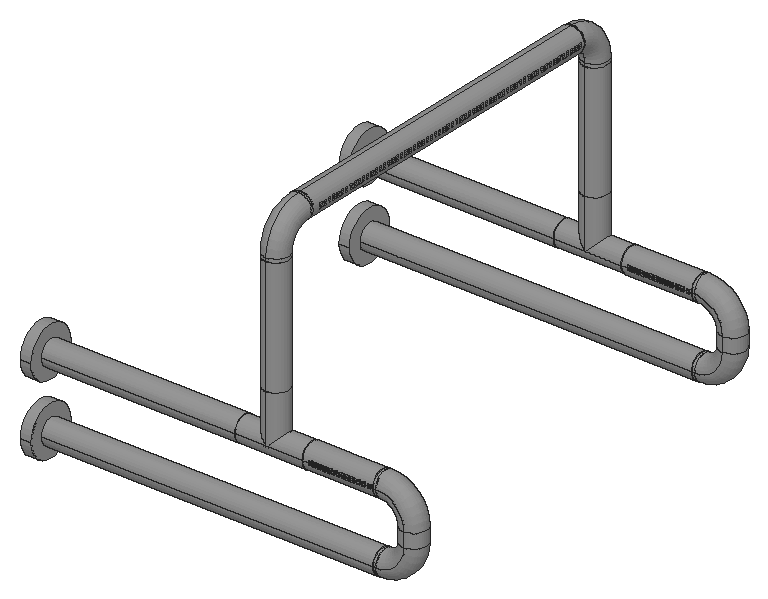
Revit family "Tube Coated Handicap Grab Bar White_IN", category Pipe Accessories, Revit 2017 (continued)
Forms (mm)
  Extrusion 496, solid, material "NYLONS"
    sketch origin (53.258, 635, 1.96) x (1, 0, 0) y (0, 0, -1)
      loop
        spline (398.827, -136.409) -> (398.927, -136.283) -> (399.008, -136.16) -> (399.072, -136.038) -> (399.117, -135.917) -> (399.145, -135.797) -> (399.154, -135.679) -> (399.145, -135.562) -> (399.117, -135.447) -> (399.072, -135.333) -> (399.008, -135.221) -> (398.927, -135.11) -> (398.827, -135)
        line (398.827, -135) -> (395.339, -135)
        spline (395.339, -135) -> (395.242, -135.107) -> (395.162, -135.216) -> (395.1, -135.327) -> (395.056, -135.44) -> (395.029, -135.554) -> (395.021, -135.671) -> (395.029, -135.789) -> (395.056, -135.909) -> (395.1, -136.031) -> (395.162, -136.155) -> (395.242, -136.281) -> (395.339, -136.409)
    from -18.046 to -17.398
  Extrusion 497, solid, material "NYLONS"
    sketch origin (60.25, 635, -0.391) x (1, 0, 0) y (0, 0, -1)
      loop
        line (395.339, -136.409) -> (398.827, -136.409)
        spline (398.827, -136.409) -> (398.927, -136.283) -> (399.008, -136.16) -> (399.072, -136.038) -> (399.117, -135.917) -> (399.145, -135.797) -> (399.154, -135.679) -> (399.145, -135.562) -> (399.117, -135.447) -> (399.072, -135.333) -> (399.008, -135.221) -> (398.927, -135.11) -> (398.827, -135)
        line (398.827, -135) -> (395.339, -135)
        spline (395.339, -135) -> (395.242, -135.107) -> (395.162, -135.216) -> (395.1, -135.327) -> (395.056, -135.44) -> (395.029, -135.554) -> (395.021, -135.671) -> (395.029, -135.789) -> (395.056, -135.909) -> (395.1, -136.031) -> (395.162, -136.155) -> (395.242, -136.281) -> (395.339, -136.409)
    from -18.046 to -17.398
  Extrusion 498, solid, material "NYLONS"
    sketch origin (60.25, 635, -2.564) x (1, 0, 0) y (0, 0, -1)
      loop
        line (395.339, -136.409) -> (398.827, -136.409)
        spline (398.827, -136.409) -> (398.927, -136.283) -> (399.008, -136.16) -> (399.072, -136.038) -> (399.117, -135.917) -> (399.145, -135.797) -> (399.154, -135.679) -> (399.145, -135.562) -> (399.117, -135.447) -> (399.072, -135.333) -> (399.008, -135.221) -> (398.927, -135.11) -> (398.827, -135)
        line (398.827, -135) -> (395.339, -135)
        spline (395.339, -135) -> (395.242, -135.107) -> (395.162, -135.216) -> (395.1, -135.327) -> (395.056, -135.44) -> (395.029, -135.554) -> (395.021, -135.671) -> (395.029, -135.789) -> (395.056, -135.909) -> (395.1, -136.031) -> (395.162, -136.155) -> (395.242, -136.281) -> (395.339, -136.409)
    from -18.046 to -17.398
  Extrusion 499, solid, material "NYLONS"
    sketch origin (60.25, 635, 1.96) x (1, 0, 0) y (0, 0, -1)
      loop
        line (395.339, -136.409) -> (398.827, -136.409)
        spline (398.827, -136.409) -> (398.927, -136.283) -> (399.008, -136.16) -> (399.072, -136.038) -> (399.117, -135.917) -> (399.145, -135.797) -> (399.154, -135.679) -> (399.145, -135.562) -> (399.117, -135.447) -> (399.072, -135.333) -> (399.008, -135.221) -> (398.927, -135.11) -> (398.827, -135)
        line (398.827, -135) -> (395.339, -135)
        spline (395.339, -135) -> (395.242, -135.107) -> (395.162, -135.216) -> (395.1, -135.327) -> (395.056, -135.44) -> (395.029, -135.554) -> (395.021, -135.671) -> (395.029, -135.789) -> (395.056, -135.909) -> (395.1, -136.031) -> (395.162, -136.155) -> (395.242, -136.281) -> (395.339, -136.409)
    from -18.046 to -17.398
  Extrusion 500, solid, material "NYLONS"
    sketch origin (68.061, 635, -0.391) x (1, 0, 0) y (0, 0, -1)
      loop
        line (395.339, -136.409) -> (398.827, -136.409)
        spline (398.827, -136.409) -> (398.927, -136.283) -> (399.008, -136.16) -> (399.072, -136.038) -> (399.117, -135.917) -> (399.145, -135.797) -> (399.154, -135.679) -> (399.145, -135.562) -> (399.117, -135.447) -> (399.072, -135.333) -> (399.008, -135.221) -> (398.927, -135.11) -> (398.827, -135)
        line (398.827, -135) -> (395.339, -135)
        spline (395.339, -135) -> (395.242, -135.107) -> (395.162, -135.216) -> (395.1, -135.327) -> (395.056, -135.44) -> (395.029, -135.554) -> (395.021, -135.671) -> (395.029, -135.789) -> (395.056, -135.909) -> (395.1, -136.031) -> (395.162, -136.155) -> (395.242, -136.281) -> (395.339, -136.409)
    from -18.046 to -17.398
  Extrusion 501, solid, material "NYLONS"
    sketch origin (68.061, 635, -2.564) x (1, 0, 0) y (0, 0, -1)
      loop
        line (395.339, -136.409) -> (398.827, -136.409)
        spline (398.827, -136.409) -> (398.927, -136.283) -> (399.008, -136.16) -> (399.072, -136.038) -> (399.117, -135.917) -> (399.145, -135.797) -> (399.154, -135.679) -> (399.145, -135.562) -> (399.117, -135.447) -> (399.072, -135.333) -> (399.008, -135.221) -> (398.927, -135.11) -> (398.827, -135)
        line (398.827, -135) -> (395.339, -135)
        spline (395.339, -135) -> (395.242, -135.107) -> (395.162, -135.216) -> (395.1, -135.327) -> (395.056, -135.44) -> (395.029, -135.554) -> (395.021, -135.671) -> (395.029, -135.789) -> (395.056, -135.909) -> (395.1, -136.031) -> (395.162, -136.155) -> (395.242, -136.281) -> (395.339, -136.409)
    from -18.046 to -17.398
  Extrusion 502, solid, material "NYLONS"
    sketch origin (68.061, 635, 1.96) x (1, 0, 0) y (0, 0, -1)
      loop
        line (395.339, -136.409) -> (398.827, -136.409)
        spline (398.827, -136.409) -> (398.927, -136.283) -> (399.008, -136.16) -> (399.072, -136.038) -> (399.117, -135.917) -> (399.145, -135.797) -> (399.154, -135.679) -> (399.145, -135.562) -> (399.117, -135.447) -> (399.072, -135.333) -> (399.008, -135.221) -> (398.927, -135.11) -> (398.827, -135)
        line (398.827, -135) -> (395.339, -135)
        spline (395.339, -135) -> (395.242, -135.107) -> (395.162, -135.216) -> (395.1, -135.327) -> (395.056, -135.44) -> (395.029, -135.554) -> (395.021, -135.671) -> (395.029, -135.789) -> (395.056, -135.909) -> (395.1, -136.031) -> (395.162, -136.155) -> (395.242, -136.281) -> (395.339, -136.409)
    from -18.046 to -17.398
  Extrusion 503, solid, material "NYLONS"
    sketch origin (75.648, 635, -0.391) x (1, 0, 0) y (0, 0, -1)
      loop
        line (395.339, -136.409) -> (398.827, -136.409)
        spline (398.827, -136.409) -> (398.927, -136.283) -> (399.008, -136.16) -> (399.072, -136.038) -> (399.117, -135.917) -> (399.145, -135.797) -> (399.154, -135.679) -> (399.145, -135.562) -> (399.117, -135.447) -> (399.072, -135.333) -> (399.008, -135.221) -> (398.927, -135.11) -> (398.827, -135)
        line (398.827, -135) -> (395.339, -135)
        spline (395.339, -135) -> (395.242, -135.107) -> (395.162, -135.216) -> (395.1, -135.327) -> (395.056, -135.44) -> (395.029, -135.554) -> (395.021, -135.671) -> (395.029, -135.789) -> (395.056, -135.909) -> (395.1, -136.031) -> (395.162, -136.155) -> (395.242, -136.281) -> (395.339, -136.409)
    from -18.046 to -17.398
  Extrusion 504, solid, material "NYLONS"
    sketch origin (75.648, 635, -2.564) x (1, 0, 0) y (0, 0, -1)
      loop
        line (395.339, -136.409) -> (398.827, -136.409)
        spline (398.827, -136.409) -> (398.927, -136.283) -> (399.008, -136.16) -> (399.072, -136.038) -> (399.117, -135.917) -> (399.145, -135.797) -> (399.154, -135.679) -> (399.145, -135.562) -> (399.117, -135.447) -> (399.072, -135.333) -> (399.008, -135.221) -> (398.927, -135.11) -> (398.827, -135)
        line (398.827, -135) -> (395.339, -135)
        spline (395.339, -135) -> (395.242, -135.107) -> (395.162, -135.216) -> (395.1, -135.327) -> (395.056, -135.44) -> (395.029, -135.554) -> (395.021, -135.671) -> (395.029, -135.789) -> (395.056, -135.909) -> (395.1, -136.031) -> (395.162, -136.155) -> (395.242, -136.281) -> (395.339, -136.409)
    from -18.046 to -17.398
  Extrusion 505, solid, material "NYLONS"
    sketch origin (75.648, 635, 1.96) x (1, 0, 0) y (0, 0, -1)
      loop
        line (395.339, -136.409) -> (398.827, -136.409)
        spline (398.827, -136.409) -> (398.927, -136.283) -> (399.008, -136.16) -> (399.072, -136.038) -> (399.117, -135.917) -> (399.145, -135.797) -> (399.154, -135.679) -> (399.145, -135.562) -> (399.117, -135.447) -> (399.072, -135.333) -> (399.008, -135.221) -> (398.927, -135.11) -> (398.827, -135)
        line (398.827, -135) -> (395.339, -135)
        spline (395.339, -135) -> (395.242, -135.107) -> (395.162, -135.216) -> (395.1, -135.327) -> (395.056, -135.44) -> (395.029, -135.554) -> (395.021, -135.671) -> (395.029, -135.789) -> (395.056, -135.909) -> (395.1, -136.031) -> (395.162, -136.155) -> (395.242, -136.281) -> (395.339, -136.409)
    from -18.046 to -17.398
  Extrusion 506, solid, material "NYLONS"
    sketch origin (83.532, 635, -0.391) x (1, 0, 0) y (0, 0, -1)
      loop
        line (395.339, -136.409) -> (398.827, -136.409)
        spline (398.827, -136.409) -> (398.927, -136.283) -> (399.008, -136.16) -> (399.072, -136.038) -> (399.117, -135.917) -> (399.145, -135.797) -> (399.154, -135.679) -> (399.145, -135.562) -> (399.117, -135.447) -> (399.072, -135.333) -> (399.008, -135.221) -> (398.927, -135.11) -> (398.827, -135)
        line (398.827, -135) -> (395.339, -135)
        spline (395.339, -135) -> (395.242, -135.107) -> (395.162, -135.216) -> (395.1, -135.327) -> (395.056, -135.44) -> (395.029, -135.554) -> (395.021, -135.671) -> (395.029, -135.789) -> (395.056, -135.909) -> (395.1, -136.031) -> (395.162, -136.155) -> (395.242, -136.281) -> (395.339, -136.409)
    from -18.046 to -17.398
  Extrusion 507, solid, material "NYLONS"
    sketch origin (83.532, 635, -2.564) x (1, 0, 0) y (0, 0, -1)
      loop
        line (395.339, -136.409) -> (398.827, -136.409)
        spline (398.827, -136.409) -> (398.927, -136.283) -> (399.008, -136.16) -> (399.072, -136.038) -> (399.117, -135.917) -> (399.145, -135.797) -> (399.154, -135.679) -> (399.145, -135.562) -> (399.117, -135.447) -> (399.072, -135.333) -> (399.008, -135.221) -> (398.927, -135.11) -> (398.827, -135)
        line (398.827, -135) -> (395.339, -135)
        spline (395.339, -135) -> (395.242, -135.107) -> (395.162, -135.216) -> (395.1, -135.327) -> (395.056, -135.44) -> (395.029, -135.554) -> (395.021, -135.671) -> (395.029, -135.789) -> (395.056, -135.909) -> (395.1, -136.031) -> (395.162, -136.155) -> (395.242, -136.281) -> (395.339, -136.409)
    from -18.046 to -17.398
  Extrusion 508, solid, material "NYLONS"
    sketch origin (83.532, 635, 1.96) x (1, 0, 0) y (0, 0, -1)
      loop
        line (395.339, -136.409) -> (398.827, -136.409)
        spline (398.827, -136.409) -> (398.927, -136.283) -> (399.008, -136.16) -> (399.072, -136.038) -> (399.117, -135.917) -> (399.145, -135.797) -> (399.154, -135.679) -> (399.145, -135.562) -> (399.117, -135.447) -> (399.072, -135.333) -> (399.008, -135.221) -> (398.927, -135.11) -> (398.827, -135)
        line (398.827, -135) -> (395.339, -135)
        spline (395.339, -135) -> (395.242, -135.107) -> (395.162, -135.216) -> (395.1, -135.327) -> (395.056, -135.44) -> (395.029, -135.554) -> (395.021, -135.671) -> (395.029, -135.789) -> (395.056, -135.909) -> (395.1, -136.031) -> (395.162, -136.155) -> (395.242, -136.281) -> (395.339, -136.409)
    from -18.046 to -17.398
  Extrusion 509, solid, material "NYLONS"
    sketch origin (0, 565, -0.391) x (1, 0, 0) y (0, 0, 1)
      loop
        spline (395.339, 136.409) -> (395.242, 136.281) -> (395.162, 136.155) -> (395.1, 136.031) -> (395.056, 135.909) -> (395.029, 135.789) -> (395.021, 135.671) -> (395.029, 135.554) -> (395.056, 135.44) -> (395.1, 135.327) -> (395.162, 135.216) -> (395.242, 135.107) -> (395.339, 135)
        line (395.339, 135) -> (398.827, 135)
        spline (398.827, 135) -> (398.927, 135.11) -> (399.008, 135.221) -> (399.072, 135.333) -> (399.117, 135.447) -> (399.145, 135.562) -> (399.154, 135.679) -> (399.145, 135.797) -> (399.117, 135.917) -> (399.072, 136.038) -> (399.008, 136.16) -> (398.927, 136.283) -> (398.827, 136.409)
        line (398.827, 136.409) -> (395.339, 136.409)
    from -18.046 to -17.398
  Extrusion 510, solid, material "NYLONS"
    sketch origin (0, 565, -2.564) x (1, 0, 0) y (0, 0, 1)
      loop
        spline (395.339, 136.409) -> (395.242, 136.281) -> (395.162, 136.155) -> (395.1, 136.031) -> (395.056, 135.909) -> (395.029, 135.789) -> (395.021, 135.671) -> (395.029, 135.554) -> (395.056, 135.44) -> (395.1, 135.327) -> (395.162, 135.216) -> (395.242, 135.107) -> (395.339, 135)
        line (395.339, 135) -> (398.827, 135)
        spline (398.827, 135) -> (398.927, 135.11) -> (399.008, 135.221) -> (399.072, 135.333) -> (399.117, 135.447) -> (399.145, 135.562) -> (399.154, 135.679) -> (399.145, 135.797) -> (399.117, 135.917) -> (399.072, 136.038) -> (399.008, 136.16) -> (398.927, 136.283) -> (398.827, 136.409)
        line (398.827, 136.409) -> (395.339, 136.409)
    from -18.046 to -17.398
  Extrusion 511, solid, material "NYLONS"
    sketch origin (0, 565, 1.96) x (1, 0, 0) y (0, 0, 1)
      loop
        spline (395.339, 136.409) -> (395.242, 136.281) -> (395.162, 136.155) -> (395.1, 136.031) -> (395.056, 135.909) -> (395.029, 135.789) -> (395.021, 135.671) -> (395.029, 135.554) -> (395.056, 135.44) -> (395.1, 135.327) -> (395.162, 135.216) -> (395.242, 135.107) -> (395.339, 135)
        line (395.339, 135) -> (398.827, 135)
        spline (398.827, 135) -> (398.927, 135.11) -> (399.008, 135.221) -> (399.072, 135.333) -> (399.117, 135.447) -> (399.145, 135.562) -> (399.154, 135.679) -> (399.145, 135.797) -> (399.117, 135.917) -> (399.072, 136.038) -> (399.008, 136.16) -> (398.927, 136.283) -> (398.827, 136.409)
        line (398.827, 136.409) -> (395.339, 136.409)
    from -18.046 to -17.398
  Extrusion 512, solid, material "NYLONS"
    sketch origin (5.951, 565, -0.391) x (1, 0, 0) y (0, 0, 1)
      loop
        spline (395.339, 136.409) -> (395.242, 136.281) -> (395.162, 136.155) -> (395.1, 136.031) -> (395.056, 135.909) -> (395.029, 135.789) -> (395.021, 135.671) -> (395.029, 135.554) -> (395.056, 135.44) -> (395.1, 135.327) -> (395.162, 135.216) -> (395.242, 135.107) -> (395.339, 135)
        line (395.339, 135) -> (398.827, 135)
        spline (398.827, 135) -> (398.927, 135.11) -> (399.008, 135.221) -> (399.072, 135.333) -> (399.117, 135.447) -> (399.145, 135.562) -> (399.154, 135.679) -> (399.145, 135.797) -> (399.117, 135.917) -> (399.072, 136.038) -> (399.008, 136.16) -> (398.927, 136.283) -> (398.827, 136.409)
        line (398.827, 136.409) -> (395.339, 136.409)
    from -18.046 to -17.398
  Extrusion 513, solid, material "NYLONS"
    sketch origin (5.951, 565, -2.564) x (1, 0, 0) y (0, 0, 1)
      loop
        spline (395.339, 136.409) -> (395.242, 136.281) -> (395.162, 136.155) -> (395.1, 136.031) -> (395.056, 135.909) -> (395.029, 135.789) -> (395.021, 135.671) -> (395.029, 135.554) -> (395.056, 135.44) -> (395.1, 135.327) -> (395.162, 135.216) -> (395.242, 135.107) -> (395.339, 135)
        line (395.339, 135) -> (398.827, 135)
        spline (398.827, 135) -> (398.927, 135.11) -> (399.008, 135.221) -> (399.072, 135.333) -> (399.117, 135.447) -> (399.145, 135.562) -> (399.154, 135.679) -> (399.145, 135.797) -> (399.117, 135.917) -> (399.072, 136.038) -> (399.008, 136.16) -> (398.927, 136.283) -> (398.827, 136.409)
        line (398.827, 136.409) -> (395.339, 136.409)
    from -18.046 to -17.398
  Extrusion 514, solid, material "NYLONS"
    sketch origin (5.951, 565, 1.96) x (1, 0, 0) y (0, 0, 1)
      loop
        spline (395.339, 136.409) -> (395.242, 136.281) -> (395.162, 136.155) -> (395.1, 136.031) -> (395.056, 135.909) -> (395.029, 135.789) -> (395.021, 135.671) -> (395.029, 135.554) -> (395.056, 135.44) -> (395.1, 135.327) -> (395.162, 135.216) -> (395.242, 135.107) -> (395.339, 135)
        line (395.339, 135) -> (398.827, 135)
        spline (398.827, 135) -> (398.927, 135.11) -> (399.008, 135.221) -> (399.072, 135.333) -> (399.117, 135.447) -> (399.145, 135.562) -> (399.154, 135.679) -> (399.145, 135.797) -> (399.117, 135.917) -> (399.072, 136.038) -> (399.008, 136.16) -> (398.927, 136.283) -> (398.827, 136.409)
        line (398.827, 136.409) -> (395.339, 136.409)
    from -18.046 to -17.398
  Extrusion 515, solid, material "NYLONS"
    sketch origin (12.868, 565, -0.391) x (1, 0, 0) y (0, 0, 1)
      loop
        spline (395.339, 136.409) -> (395.242, 136.281) -> (395.162, 136.155) -> (395.1, 136.031) -> (395.056, 135.909) -> (395.029, 135.789) -> (395.021, 135.671) -> (395.029, 135.554) -> (395.056, 135.44) -> (395.1, 135.327) -> (395.162, 135.216) -> (395.242, 135.107) -> (395.339, 135)
        line (395.339, 135) -> (398.827, 135)
        spline (398.827, 135) -> (398.927, 135.11) -> (399.008, 135.221) -> (399.072, 135.333) -> (399.117, 135.447) -> (399.145, 135.562) -> (399.154, 135.679) -> (399.145, 135.797) -> (399.117, 135.917) -> (399.072, 136.038) -> (399.008, 136.16) -> (398.927, 136.283) -> (398.827, 136.409)
        line (398.827, 136.409) -> (395.339, 136.409)
    from -18.046 to -17.398
  Extrusion 516, solid, material "NYLONS"
    sketch origin (12.868, 565, -2.564) x (1, 0, 0) y (0, 0, 1)
      loop
        spline (395.339, 136.409) -> (395.242, 136.281) -> (395.162, 136.155) -> (395.1, 136.031) -> (395.056, 135.909) -> (395.029, 135.789) -> (395.021, 135.671) -> (395.029, 135.554) -> (395.056, 135.44) -> (395.1, 135.327) -> (395.162, 135.216) -> (395.242, 135.107) -> (395.339, 135)
        line (395.339, 135) -> (398.827, 135)
        spline (398.827, 135) -> (398.927, 135.11) -> (399.008, 135.221) -> (399.072, 135.333) -> (399.117, 135.447) -> (399.145, 135.562) -> (399.154, 135.679) -> (399.145, 135.797) -> (399.117, 135.917) -> (399.072, 136.038) -> (399.008, 136.16) -> (398.927, 136.283) -> (398.827, 136.409)
        line (398.827, 136.409) -> (395.339, 136.409)
    from -18.046 to -17.398
  Extrusion 517, solid, material "NYLONS"
    sketch origin (12.868, 565, 1.96) x (1, 0, 0) y (0, 0, 1)
      loop
        spline (395.339, 136.409) -> (395.242, 136.281) -> (395.162, 136.155) -> (395.1, 136.031) -> (395.056, 135.909) -> (395.029, 135.789) -> (395.021, 135.671) -> (395.029, 135.554) -> (395.056, 135.44) -> (395.1, 135.327) -> (395.162, 135.216) -> (395.242, 135.107) -> (395.339, 135)
        line (395.339, 135) -> (398.827, 135)
        spline (398.827, 135) -> (398.927, 135.11) -> (399.008, 135.221) -> (399.072, 135.333) -> (399.117, 135.447) -> (399.145, 135.562) -> (399.154, 135.679) -> (399.145, 135.797) -> (399.117, 135.917) -> (399.072, 136.038) -> (399.008, 136.16) -> (398.927, 136.283) -> (398.827, 136.409)
        line (398.827, 136.409) -> (395.339, 136.409)
    from -18.046 to -17.398
  Extrusion 518, solid, material "NYLONS"
    sketch origin (19.637, 565, -0.391) x (1, 0, 0) y (0, 0, 1)
      loop
        spline (395.339, 136.409) -> (395.242, 136.281) -> (395.162, 136.155) -> (395.1, 136.031) -> (395.056, 135.909) -> (395.029, 135.789) -> (395.021, 135.671) -> (395.029, 135.554) -> (395.056, 135.44) -> (395.1, 135.327) -> (395.162, 135.216) -> (395.242, 135.107) -> (395.339, 135)
        line (395.339, 135) -> (398.827, 135)
        spline (398.827, 135) -> (398.927, 135.11) -> (399.008, 135.221) -> (399.072, 135.333) -> (399.117, 135.447) -> (399.145, 135.562) -> (399.154, 135.679) -> (399.145, 135.797) -> (399.117, 135.917) -> (399.072, 136.038) -> (399.008, 136.16) -> (398.927, 136.283) -> (398.827, 136.409)
        line (398.827, 136.409) -> (395.339, 136.409)
    from -18.046 to -17.398
  Extrusion 519, solid, material "NYLONS"
    sketch origin (19.637, 565, -2.564) x (1, 0, 0) y (0, 0, 1)
      loop
        spline (395.339, 136.409) -> (395.242, 136.281) -> (395.162, 136.155) -> (395.1, 136.031) -> (395.056, 135.909) -> (395.029, 135.789) -> (395.021, 135.671) -> (395.029, 135.554) -> (395.056, 135.44) -> (395.1, 135.327) -> (395.162, 135.216) -> (395.242, 135.107) -> (395.339, 135)
        line (395.339, 135) -> (398.827, 135)
        spline (398.827, 135) -> (398.927, 135.11) -> (399.008, 135.221) -> (399.072, 135.333) -> (399.117, 135.447) -> (399.145, 135.562) -> (399.154, 135.679) -> (399.145, 135.797) -> (399.117, 135.917) -> (399.072, 136.038) -> (399.008, 136.16) -> (398.927, 136.283) -> (398.827, 136.409)
        line (398.827, 136.409) -> (395.339, 136.409)
    from -18.046 to -17.398
  Extrusion 520, solid, material "NYLONS"
    sketch origin (19.637, 565, 1.96) x (1, 0, 0) y (0, 0, 1)
      loop
        spline (395.339, 136.409) -> (395.242, 136.281) -> (395.162, 136.155) -> (395.1, 136.031) -> (395.056, 135.909) -> (395.029, 135.789) -> (395.021, 135.671) -> (395.029, 135.554) -> (395.056, 135.44) -> (395.1, 135.327) -> (395.162, 135.216) -> (395.242, 135.107) -> (395.339, 135)
        line (395.339, 135) -> (398.827, 135)
        spline (398.827, 135) -> (398.927, 135.11) -> (399.008, 135.221) -> (399.072, 135.333) -> (399.117, 135.447) -> (399.145, 135.562) -> (399.154, 135.679) -> (399.145, 135.797) -> (399.117, 135.917) -> (399.072, 136.038) -> (399.008, 136.16) -> (398.927, 136.283) -> (398.827, 136.409)
        line (398.827, 136.409) -> (395.339, 136.409)
    from -18.046 to -17.398
  Extrusion 521, solid, material "NYLONS"
    sketch origin (26.406, 565, -0.391) x (1, 0, 0) y (0, 0, 1)
      loop
        spline (395.339, 136.409) -> (395.242, 136.281) -> (395.162, 136.155) -> (395.1, 136.031) -> (395.056, 135.909) -> (395.029, 135.789) -> (395.021, 135.671) -> (395.029, 135.554) -> (395.056, 135.44) -> (395.1, 135.327) -> (395.162, 135.216) -> (395.242, 135.107) -> (395.339, 135)
        line (395.339, 135) -> (398.827, 135)
        spline (398.827, 135) -> (398.927, 135.11) -> (399.008, 135.221) -> (399.072, 135.333) -> (399.117, 135.447) -> (399.145, 135.562) -> (399.154, 135.679) -> (399.145, 135.797) -> (399.117, 135.917) -> (399.072, 136.038) -> (399.008, 136.16) -> (398.927, 136.283) -> (398.827, 136.409)
        line (398.827, 136.409) -> (395.339, 136.409)
    from -18.046 to -17.398
  Extrusion 522, solid, material "NYLONS"
    sketch origin (26.406, 565, -2.564) x (1, 0, 0) y (0, 0, 1)
      loop
        spline (395.339, 136.409) -> (395.242, 136.281) -> (395.162, 136.155) -> (395.1, 136.031) -> (395.056, 135.909) -> (395.029, 135.789) -> (395.021, 135.671) -> (395.029, 135.554) -> (395.056, 135.44) -> (395.1, 135.327) -> (395.162, 135.216) -> (395.242, 135.107) -> (395.339, 135)
        line (395.339, 135) -> (398.827, 135)
        spline (398.827, 135) -> (398.927, 135.11) -> (399.008, 135.221) -> (399.072, 135.333) -> (399.117, 135.447) -> (399.145, 135.562) -> (399.154, 135.679) -> (399.145, 135.797) -> (399.117, 135.917) -> (399.072, 136.038) -> (399.008, 136.16) -> (398.927, 136.283) -> (398.827, 136.409)
        line (398.827, 136.409) -> (395.339, 136.409)
    from -18.046 to -17.398
  Extrusion 523, solid, material "NYLONS"
    sketch origin (26.406, 565, 1.96) x (1, 0, 0) y (0, 0, 1)
      loop
        spline (395.339, 136.409) -> (395.242, 136.281) -> (395.162, 136.155) -> (395.1, 136.031) -> (395.056, 135.909) -> (395.029, 135.789) -> (395.021, 135.671) -> (395.029, 135.554) -> (395.056, 135.44) -> (395.1, 135.327) -> (395.162, 135.216) -> (395.242, 135.107) -> (395.339, 135)
        line (395.339, 135) -> (398.827, 135)
        spline (398.827, 135) -> (398.927, 135.11) -> (399.008, 135.221) -> (399.072, 135.333) -> (399.117, 135.447) -> (399.145, 135.562) -> (399.154, 135.679) -> (399.145, 135.797) -> (399.117, 135.917) -> (399.072, 136.038) -> (399.008, 136.16) -> (398.927, 136.283) -> (398.827, 136.409)
        line (398.827, 136.409) -> (395.339, 136.409)
    from -18.046 to -17.398
  Extrusion 524, solid, material "NYLONS"
    sketch origin (32.357, 565, -0.391) x (1, 0, 0) y (0, 0, 1)
      loop
        spline (395.339, 136.409) -> (395.242, 136.281) -> (395.162, 136.155) -> (395.1, 136.031) -> (395.056, 135.909) -> (395.029, 135.789) -> (395.021, 135.671) -> (395.029, 135.554) -> (395.056, 135.44) -> (395.1, 135.327) -> (395.162, 135.216) -> (395.242, 135.107) -> (395.339, 135)
        line (395.339, 135) -> (398.827, 135)
        spline (398.827, 135) -> (398.927, 135.11) -> (399.008, 135.221) -> (399.072, 135.333) -> (399.117, 135.447) -> (399.145, 135.562) -> (399.154, 135.679) -> (399.145, 135.797) -> (399.117, 135.917) -> (399.072, 136.038) -> (399.008, 136.16) -> (398.927, 136.283) -> (398.827, 136.409)
        line (398.827, 136.409) -> (395.339, 136.409)
    from -18.046 to -17.398
  Extrusion 525, solid, material "NYLONS"
    sketch origin (32.357, 565, -2.564) x (1, 0, 0) y (0, 0, 1)
      loop
        spline (395.339, 136.409) -> (395.242, 136.281) -> (395.162, 136.155) -> (395.1, 136.031) -> (395.056, 135.909) -> (395.029, 135.789) -> (395.021, 135.671) -> (395.029, 135.554) -> (395.056, 135.44) -> (395.1, 135.327) -> (395.162, 135.216) -> (395.242, 135.107) -> (395.339, 135)
        line (395.339, 135) -> (398.827, 135)
        spline (398.827, 135) -> (398.927, 135.11) -> (399.008, 135.221) -> (399.072, 135.333) -> (399.117, 135.447) -> (399.145, 135.562) -> (399.154, 135.679) -> (399.145, 135.797) -> (399.117, 135.917) -> (399.072, 136.038) -> (399.008, 136.16) -> (398.927, 136.283) -> (398.827, 136.409)
        line (398.827, 136.409) -> (395.339, 136.409)
    from -18.046 to -17.398
  Extrusion 526, solid, material "NYLONS"
    sketch origin (32.357, 565, 1.96) x (1, 0, 0) y (0, 0, 1)
      loop
        spline (395.339, 136.409) -> (395.242, 136.281) -> (395.162, 136.155) -> (395.1, 136.031) -> (395.056, 135.909) -> (395.029, 135.789) -> (395.021, 135.671) -> (395.029, 135.554) -> (395.056, 135.44) -> (395.1, 135.327) -> (395.162, 135.216) -> (395.242, 135.107) -> (395.339, 135)
        line (395.339, 135) -> (398.827, 135)
        spline (398.827, 135) -> (398.927, 135.11) -> (399.008, 135.221) -> (399.072, 135.333) -> (399.117, 135.447) -> (399.145, 135.562) -> (399.154, 135.679) -> (399.145, 135.797) -> (399.117, 135.917) -> (399.072, 136.038) -> (399.008, 136.16) -> (398.927, 136.283) -> (398.827, 136.409)
        line (398.827, 136.409) -> (395.339, 136.409)
    from -18.046 to -17.398
  Extrusion 527, solid, material "NYLONS"
    sketch origin (39.349, 565, -0.391) x (1, 0, 0) y (0, 0, 1)
      loop
        spline (395.339, 136.409) -> (395.242, 136.281) -> (395.162, 136.155) -> (395.1, 136.031) -> (395.056, 135.909) -> (395.029, 135.789) -> (395.021, 135.671) -> (395.029, 135.554) -> (395.056, 135.44) -> (395.1, 135.327) -> (395.162, 135.216) -> (395.242, 135.107) -> (395.339, 135)
        line (395.339, 135) -> (398.827, 135)
        spline (398.827, 135) -> (398.927, 135.11) -> (399.008, 135.221) -> (399.072, 135.333) -> (399.117, 135.447) -> (399.145, 135.562) -> (399.154, 135.679) -> (399.145, 135.797) -> (399.117, 135.917) -> (399.072, 136.038) -> (399.008, 136.16) -> (398.927, 136.283) -> (398.827, 136.409)
        line (398.827, 136.409) -> (395.339, 136.409)
    from -18.046 to -17.398
  Extrusion 528, solid, material "NYLONS"
    sketch origin (39.349, 565, -2.564) x (1, 0, 0) y (0, 0, 1)
      loop
        spline (395.339, 136.409) -> (395.242, 136.281) -> (395.162, 136.155) -> (395.1, 136.031) -> (395.056, 135.909) -> (395.029, 135.789) -> (395.021, 135.671) -> (395.029, 135.554) -> (395.056, 135.44) -> (395.1, 135.327) -> (395.162, 135.216) -> (395.242, 135.107) -> (395.339, 135)
        line (395.339, 135) -> (398.827, 135)
        spline (398.827, 135) -> (398.927, 135.11) -> (399.008, 135.221) -> (399.072, 135.333) -> (399.117, 135.447) -> (399.145, 135.562) -> (399.154, 135.679) -> (399.145, 135.797) -> (399.117, 135.917) -> (399.072, 136.038) -> (399.008, 136.16) -> (398.927, 136.283) -> (398.827, 136.409)
        line (398.827, 136.409) -> (395.339, 136.409)
    from -18.046 to -17.398
  Extrusion 529, solid, material "NYLONS"
    sketch origin (39.349, 565, 1.96) x (1, 0, 0) y (0, 0, 1)
      loop
        spline (395.339, 136.409) -> (395.242, 136.281) -> (395.162, 136.155) -> (395.1, 136.031) -> (395.056, 135.909) -> (395.029, 135.789) -> (395.021, 135.671) -> (395.029, 135.554) -> (395.056, 135.44) -> (395.1, 135.327) -> (395.162, 135.216) -> (395.242, 135.107) -> (395.339, 135)
        line (395.339, 135) -> (398.827, 135)
        spline (398.827, 135) -> (398.927, 135.11) -> (399.008, 135.221) -> (399.072, 135.333) -> (399.117, 135.447) -> (399.145, 135.562) -> (399.154, 135.679) -> (399.145, 135.797) -> (399.117, 135.917) -> (399.072, 136.038) -> (399.008, 136.16) -> (398.927, 136.283) -> (398.827, 136.409)
        line (398.827, 136.409) -> (395.339, 136.409)
    from -18.046 to -17.398
  Extrusion 530, solid, material "NYLONS"
    sketch origin (46.192, 565, -0.391) x (1, 0, 0) y (0, 0, 1)
      loop
        spline (395.339, 136.409) -> (395.242, 136.281) -> (395.162, 136.155) -> (395.1, 136.031) -> (395.056, 135.909) -> (395.029, 135.789) -> (395.021, 135.671) -> (395.029, 135.554) -> (395.056, 135.44) -> (395.1, 135.327) -> (395.162, 135.216) -> (395.242, 135.107) -> (395.339, 135)
        line (395.339, 135) -> (398.827, 135)
        spline (398.827, 135) -> (398.927, 135.11) -> (399.008, 135.221) -> (399.072, 135.333) -> (399.117, 135.447) -> (399.145, 135.562) -> (399.154, 135.679) -> (399.145, 135.797) -> (399.117, 135.917) -> (399.072, 136.038) -> (399.008, 136.16) -> (398.927, 136.283) -> (398.827, 136.409)
        line (398.827, 136.409) -> (395.339, 136.409)
    from -18.046 to -17.398
  Extrusion 531, solid, material "NYLONS"
    sketch origin (46.192, 565, -2.564) x (1, 0, 0) y (0, 0, 1)
      loop
        spline (395.339, 136.409) -> (395.242, 136.281) -> (395.162, 136.155) -> (395.1, 136.031) -> (395.056, 135.909) -> (395.029, 135.789) -> (395.021, 135.671) -> (395.029, 135.554) -> (395.056, 135.44) -> (395.1, 135.327) -> (395.162, 135.216) -> (395.242, 135.107) -> (395.339, 135)
        line (395.339, 135) -> (398.827, 135)
        spline (398.827, 135) -> (398.927, 135.11) -> (399.008, 135.221) -> (399.072, 135.333) -> (399.117, 135.447) -> (399.145, 135.562) -> (399.154, 135.679) -> (399.145, 135.797) -> (399.117, 135.917) -> (399.072, 136.038) -> (399.008, 136.16) -> (398.927, 136.283) -> (398.827, 136.409)
        line (398.827, 136.409) -> (395.339, 136.409)
    from -18.046 to -17.398
  Extrusion 532, solid, material "NYLONS"
    sketch origin (46.192, 565, 1.96) x (1, 0, 0) y (0, 0, 1)
      loop
        spline (395.339, 136.409) -> (395.242, 136.281) -> (395.162, 136.155) -> (395.1, 136.031) -> (395.056, 135.909) -> (395.029, 135.789) -> (395.021, 135.671) -> (395.029, 135.554) -> (395.056, 135.44) -> (395.1, 135.327) -> (395.162, 135.216) -> (395.242, 135.107) -> (395.339, 135)
        line (395.339, 135) -> (398.827, 135)
        spline (398.827, 135) -> (398.927, 135.11) -> (399.008, 135.221) -> (399.072, 135.333) -> (399.117, 135.447) -> (399.145, 135.562) -> (399.154, 135.679) -> (399.145, 135.797) -> (399.117, 135.917) -> (399.072, 136.038) -> (399.008, 136.16) -> (398.927, 136.283) -> (398.827, 136.409)
        line (398.827, 136.409) -> (395.339, 136.409)
    from -18.046 to -17.398
  Extrusion 533, solid, material "NYLONS"
    sketch origin (53.258, 565, -0.391) x (1, 0, 0) y (0, 0, 1)
      loop
        spline (395.339, 136.409) -> (395.242, 136.281) -> (395.162, 136.155) -> (395.1, 136.031) -> (395.056, 135.909) -> (395.029, 135.789) -> (395.021, 135.671) -> (395.029, 135.554) -> (395.056, 135.44) -> (395.1, 135.327) -> (395.162, 135.216) -> (395.242, 135.107) -> (395.339, 135)
        line (395.339, 135) -> (398.827, 135)
        spline (398.827, 135) -> (398.927, 135.11) -> (399.008, 135.221) -> (399.072, 135.333) -> (399.117, 135.447) -> (399.145, 135.562) -> (399.154, 135.679) -> (399.145, 135.797) -> (399.117, 135.917) -> (399.072, 136.038) -> (399.008, 136.16) -> (398.927, 136.283) -> (398.827, 136.409)
        line (398.827, 136.409) -> (395.339, 136.409)
    from -18.046 to -17.398
  Extrusion 534, solid, material "NYLONS"
    sketch origin (53.258, 565, -2.564) x (1, 0, 0) y (0, 0, 1)
      loop
        spline (395.339, 136.409) -> (395.242, 136.281) -> (395.162, 136.155) -> (395.1, 136.031) -> (395.056, 135.909) -> (395.029, 135.789) -> (395.021, 135.671) -> (395.029, 135.554) -> (395.056, 135.44) -> (395.1, 135.327) -> (395.162, 135.216) -> (395.242, 135.107) -> (395.339, 135)
        line (395.339, 135) -> (398.827, 135)
        spline (398.827, 135) -> (398.927, 135.11) -> (399.008, 135.221) -> (399.072, 135.333) -> (399.117, 135.447) -> (399.145, 135.562) -> (399.154, 135.679) -> (399.145, 135.797) -> (399.117, 135.917) -> (399.072, 136.038) -> (399.008, 136.16) -> (398.927, 136.283) -> (398.827, 136.409)
        line (398.827, 136.409) -> (395.339, 136.409)
    from -18.046 to -17.398
  Extrusion 535, solid, material "NYLONS"
    sketch origin (53.258, 565, 1.96) x (1, 0, 0) y (0, 0, 1)
      loop
        spline (395.339, 136.409) -> (395.242, 136.281) -> (395.162, 136.155) -> (395.1, 136.031) -> (395.056, 135.909) -> (395.029, 135.789) -> (395.021, 135.671) -> (395.029, 135.554) -> (395.056, 135.44) -> (395.1, 135.327) -> (395.162, 135.216) -> (395.242, 135.107) -> (395.339, 135)
        line (395.339, 135) -> (398.827, 135)
        spline (398.827, 135) -> (398.927, 135.11) -> (399.008, 135.221) -> (399.072, 135.333) -> (399.117, 135.447) -> (399.145, 135.562) -> (399.154, 135.679) -> (399.145, 135.797) -> (399.117, 135.917) -> (399.072, 136.038) -> (399.008, 136.16) -> (398.927, 136.283) -> (398.827, 136.409)
        line (398.827, 136.409) -> (395.339, 136.409)
    from -18.046 to -17.398
  Extrusion 536, solid, material "NYLONS"
    sketch origin (60.25, 565, -0.391) x (1, 0, 0) y (0, 0, 1)
      loop
        spline (395.339, 136.409) -> (395.242, 136.281) -> (395.162, 136.155) -> (395.1, 136.031) -> (395.056, 135.909) -> (395.029, 135.789) -> (395.021, 135.671) -> (395.029, 135.554) -> (395.056, 135.44) -> (395.1, 135.327) -> (395.162, 135.216) -> (395.242, 135.107) -> (395.339, 135)
        line (395.339, 135) -> (398.827, 135)
        spline (398.827, 135) -> (398.927, 135.11) -> (399.008, 135.221) -> (399.072, 135.333) -> (399.117, 135.447) -> (399.145, 135.562) -> (399.154, 135.679) -> (399.145, 135.797) -> (399.117, 135.917) -> (399.072, 136.038) -> (399.008, 136.16) -> (398.927, 136.283) -> (398.827, 136.409)
        line (398.827, 136.409) -> (395.339, 136.409)
    from -18.046 to -17.398
  Extrusion 537, solid, material "NYLONS"
    sketch origin (60.25, 565, -2.564) x (1, 0, 0) y (0, 0, 1)
      loop
        spline (395.339, 136.409) -> (395.242, 136.281) -> (395.162, 136.155) -> (395.1, 136.031) -> (395.056, 135.909) -> (395.029, 135.789) -> (395.021, 135.671) -> (395.029, 135.554) -> (395.056, 135.44) -> (395.1, 135.327) -> (395.162, 135.216) -> (395.242, 135.107) -> (395.339, 135)
        line (395.339, 135) -> (398.827, 135)
        spline (398.827, 135) -> (398.927, 135.11) -> (399.008, 135.221) -> (399.072, 135.333) -> (399.117, 135.447) -> (399.145, 135.562) -> (399.154, 135.679) -> (399.145, 135.797) -> (399.117, 135.917) -> (399.072, 136.038) -> (399.008, 136.16) -> (398.927, 136.283) -> (398.827, 136.409)
        line (398.827, 136.409) -> (395.339, 136.409)
    from -18.046 to -17.398
  Extrusion 538, solid, material "NYLONS"
    sketch origin (60.25, 565, 1.96) x (1, 0, 0) y (0, 0, 1)
      loop
        spline (395.339, 136.409) -> (395.242, 136.281) -> (395.162, 136.155) -> (395.1, 136.031) -> (395.056, 135.909) -> (395.029, 135.789) -> (395.021, 135.671) -> (395.029, 135.554) -> (395.056, 135.44) -> (395.1, 135.327) -> (395.162, 135.216) -> (395.242, 135.107) -> (395.339, 135)
        line (395.339, 135) -> (398.827, 135)
        spline (398.827, 135) -> (398.927, 135.11) -> (399.008, 135.221) -> (399.072, 135.333) -> (399.117, 135.447) -> (399.145, 135.562) -> (399.154, 135.679) -> (399.145, 135.797) -> (399.117, 135.917) -> (399.072, 136.038) -> (399.008, 136.16) -> (398.927, 136.283) -> (398.827, 136.409)
        line (398.827, 136.409) -> (395.339, 136.409)
    from -18.046 to -17.398
  Extrusion 539, solid, material "NYLONS"
    sketch origin (68.061, 565, -0.391) x (1, 0, 0) y (0, 0, 1)
      loop
        spline (395.339, 136.409) -> (395.242, 136.281) -> (395.162, 136.155) -> (395.1, 136.031) -> (395.056, 135.909) -> (395.029, 135.789) -> (395.021, 135.671) -> (395.029, 135.554) -> (395.056, 135.44) -> (395.1, 135.327) -> (395.162, 135.216) -> (395.242, 135.107) -> (395.339, 135)
        line (395.339, 135) -> (398.827, 135)
        spline (398.827, 135) -> (398.927, 135.11) -> (399.008, 135.221) -> (399.072, 135.333) -> (399.117, 135.447) -> (399.145, 135.562) -> (399.154, 135.679) -> (399.145, 135.797) -> (399.117, 135.917) -> (399.072, 136.038) -> (399.008, 136.16) -> (398.927, 136.283) -> (398.827, 136.409)
        line (398.827, 136.409) -> (395.339, 136.409)
    from -18.046 to -17.398
  Extrusion 540, solid, material "NYLONS"
    sketch origin (68.061, 565, -2.564) x (1, 0, 0) y (0, 0, 1)
      loop
        spline (395.339, 136.409) -> (395.242, 136.281) -> (395.162, 136.155) -> (395.1, 136.031) -> (395.056, 135.909) -> (395.029, 135.789) -> (395.021, 135.671) -> (395.029, 135.554) -> (395.056, 135.44) -> (395.1, 135.327) -> (395.162, 135.216) -> (395.242, 135.107) -> (395.339, 135)
        line (395.339, 135) -> (398.827, 135)
        spline (398.827, 135) -> (398.927, 135.11) -> (399.008, 135.221) -> (399.072, 135.333) -> (399.117, 135.447) -> (399.145, 135.562) -> (399.154, 135.679) -> (399.145, 135.797) -> (399.117, 135.917) -> (399.072, 136.038) -> (399.008, 136.16) -> (398.927, 136.283) -> (398.827, 136.409)
        line (398.827, 136.409) -> (395.339, 136.409)
    from -18.046 to -17.398
  Extrusion 541, solid, material "NYLONS"
    sketch origin (68.061, 565, 1.96) x (1, 0, 0) y (0, 0, 1)
      loop
        spline (395.339, 136.409) -> (395.242, 136.281) -> (395.162, 136.155) -> (395.1, 136.031) -> (395.056, 135.909) -> (395.029, 135.789) -> (395.021, 135.671) -> (395.029, 135.554) -> (395.056, 135.44) -> (395.1, 135.327) -> (395.162, 135.216) -> (395.242, 135.107) -> (395.339, 135)
        line (395.339, 135) -> (398.827, 135)
        spline (398.827, 135) -> (398.927, 135.11) -> (399.008, 135.221) -> (399.072, 135.333) -> (399.117, 135.447) -> (399.145, 135.562) -> (399.154, 135.679) -> (399.145, 135.797) -> (399.117, 135.917) -> (399.072, 136.038) -> (399.008, 136.16) -> (398.927, 136.283) -> (398.827, 136.409)
        line (398.827, 136.409) -> (395.339, 136.409)
    from -18.046 to -17.398
  Extrusion 542, solid, material "NYLONS"
    sketch origin (75.648, 565, -0.391) x (1, 0, 0) y (0, 0, 1)
      loop
        spline (395.339, 136.409) -> (395.242, 136.281) -> (395.162, 136.155) -> (395.1, 136.031) -> (395.056, 135.909) -> (395.029, 135.789) -> (395.021, 135.671) -> (395.029, 135.554) -> (395.056, 135.44) -> (395.1, 135.327) -> (395.162, 135.216) -> (395.242, 135.107) -> (395.339, 135)
        line (395.339, 135) -> (398.827, 135)
        spline (398.827, 135) -> (398.927, 135.11) -> (399.008, 135.221) -> (399.072, 135.333) -> (399.117, 135.447) -> (399.145, 135.562) -> (399.154, 135.679) -> (399.145, 135.797) -> (399.117, 135.917) -> (399.072, 136.038) -> (399.008, 136.16) -> (398.927, 136.283) -> (398.827, 136.409)
        line (398.827, 136.409) -> (395.339, 136.409)
    from -18.046 to -17.398
  Extrusion 543, solid, material "NYLONS"
    sketch origin (75.648, 565, -2.564) x (1, 0, 0) y (0, 0, 1)
      loop
        spline (395.339, 136.409) -> (395.242, 136.281) -> (395.162, 136.155) -> (395.1, 136.031) -> (395.056, 135.909) -> (395.029, 135.789) -> (395.021, 135.671) -> (395.029, 135.554) -> (395.056, 135.44) -> (395.1, 135.327) -> (395.162, 135.216) -> (395.242, 135.107) -> (395.339, 135)
        line (395.339, 135) -> (398.827, 135)
        spline (398.827, 135) -> (398.927, 135.11) -> (399.008, 135.221) -> (399.072, 135.333) -> (399.117, 135.447) -> (399.145, 135.562) -> (399.154, 135.679) -> (399.145, 135.797) -> (399.117, 135.917) -> (399.072, 136.038) -> (399.008, 136.16) -> (398.927, 136.283) -> (398.827, 136.409)
        line (398.827, 136.409) -> (395.339, 136.409)
    from -18.046 to -17.398
  Extrusion 544, solid, material "NYLONS"
    sketch origin (75.648, 565, 1.96) x (1, 0, 0) y (0, 0, 1)
      loop
        spline (395.339, 136.409) -> (395.242, 136.281) -> (395.162, 136.155) -> (395.1, 136.031) -> (395.056, 135.909) -> (395.029, 135.789) -> (395.021, 135.671) -> (395.029, 135.554) -> (395.056, 135.44) -> (395.1, 135.327) -> (395.162, 135.216) -> (395.242, 135.107) -> (395.339, 135)
        line (395.339, 135) -> (398.827, 135)
        spline (398.827, 135) -> (398.927, 135.11) -> (399.008, 135.221) -> (399.072, 135.333) -> (399.117, 135.447) -> (399.145, 135.562) -> (399.154, 135.679) -> (399.145, 135.797) -> (399.117, 135.917) -> (399.072, 136.038) -> (399.008, 136.16) -> (398.927, 136.283) -> (398.827, 136.409)
        line (398.827, 136.409) -> (395.339, 136.409)
    from -18.046 to -17.398
  Extrusion 545, solid, material "NYLONS"
    sketch origin (83.532, 565, -0.391) x (1, 0, 0) y (0, 0, 1)
      loop
        spline (395.339, 136.409) -> (395.242, 136.281) -> (395.162, 136.155) -> (395.1, 136.031) -> (395.056, 135.909) -> (395.029, 135.789) -> (395.021, 135.671) -> (395.029, 135.554) -> (395.056, 135.44) -> (395.1, 135.327) -> (395.162, 135.216) -> (395.242, 135.107) -> (395.339, 135)
        line (395.339, 135) -> (398.827, 135)
        spline (398.827, 135) -> (398.927, 135.11) -> (399.008, 135.221) -> (399.072, 135.333) -> (399.117, 135.447) -> (399.145, 135.562) -> (399.154, 135.679) -> (399.145, 135.797) -> (399.117, 135.917) -> (399.072, 136.038) -> (399.008, 136.16) -> (398.927, 136.283) -> (398.827, 136.409)
        line (398.827, 136.409) -> (395.339, 136.409)
    from -18.046 to -17.398
  Extrusion 546, solid, material "NYLONS"
    sketch origin (83.532, 565, -2.564) x (1, 0, 0) y (0, 0, 1)
      loop
        spline (395.339, 136.409) -> (395.242, 136.281) -> (395.162, 136.155) -> (395.1, 136.031) -> (395.056, 135.909) -> (395.029, 135.789) -> (395.021, 135.671) -> (395.029, 135.554) -> (395.056, 135.44) -> (395.1, 135.327) -> (395.162, 135.216) -> (395.242, 135.107) -> (395.339, 135)
        line (395.339, 135) -> (398.827, 135)
        spline (398.827, 135) -> (398.927, 135.11) -> (399.008, 135.221) -> (399.072, 135.333) -> (399.117, 135.447) -> (399.145, 135.562) -> (399.154, 135.679) -> (399.145, 135.797) -> (399.117, 135.917) -> (399.072, 136.038) -> (399.008, 136.16) -> (398.927, 136.283) -> (398.827, 136.409)
        line (398.827, 136.409) -> (395.339, 136.409)
    from -18.046 to -17.398
  Extrusion 547, solid, material "NYLONS"
    sketch origin (83.532, 565, 1.96) x (1, 0, 0) y (0, 0, 1)
      loop
        spline (395.339, 136.409) -> (395.242, 136.281) -> (395.162, 136.155) -> (395.1, 136.031) -> (395.056, 135.909) -> (395.029, 135.789) -> (395.021, 135.671) -> (395.029, 135.554) -> (395.056, 135.44) -> (395.1, 135.327) -> (395.162, 135.216) -> (395.242, 135.107) -> (395.339, 135)
        line (395.339, 135) -> (398.827, 135)
        spline (398.827, 135) -> (398.927, 135.11) -> (399.008, 135.221) -> (399.072, 135.333) -> (399.117, 135.447) -> (399.145, 135.562) -> (399.154, 135.679) -> (399.145, 135.797) -> (399.117, 135.917) -> (399.072, 136.038) -> (399.008, 136.16) -> (398.927, 136.283) -> (398.827, 136.409)
        line (398.827, 136.409) -> (395.339, 136.409)
    from -18.046 to -17.398
Cuts and joins
  Revolve 4, Revolve 5, Revolve 6, Revolve 7, Revolve 8, Revolve 466, Revolve 467, Revolve 468, Revolve 469 cuts Sweep 1
  Revolve 6, Revolve 7, Revolve 8, Revolve 466, Revolve 467, Revolve 468, Revolve 469 cuts Extrusion 2
  joined: Sweep 1, Extrusion 2
  Revolve 5, Revolve 9, Revolve 10, Revolve 11, Revolve 12, Revolve 13 cuts Sweep 3
  Revolve 466, Revolve 467, Revolve 468, Revolve 469 cuts Sweep 464
Dimensions and locks
  Sweep 1 sketch curve to Sweep 1 sketch curve = 100 mm
  plane 4 to Sweep 3 sketch curve = 280 mm
  Sweep 464 sketch curve to Sweep 464 sketch curve = 100 mm
  aligned and locked: level to plane 2
